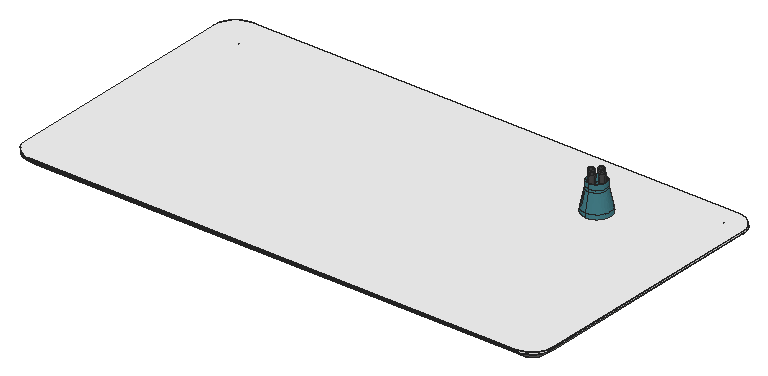
Revit family "Worksurfaces-Teknion-JNWFG_Writable_Glass_Center_Beam_Mounted-R2018", category Furniture, Revit 2018
Family settings
  OmniClass Number = 23.40.20.00
  OmniClass Title = General Furniture and Specialties
  Work Plane-Based = No
  Always vertical = Yes
  Cut with Voids When Loaded = No
  Shared = Yes
  Room Calculation Point = No
Parameters (values of type "38" Depth")
  Worksurface Finish [instance] = Back-painted Glass - K7 - Teknion - Very White
  Width [instance] = 72.000"
  Warranty = "http://www.teknion.com/ca/papers/legal-canada"
  Unit Weight URL = "http://www.teknion.com/ca/tools/assets#&asset=bee6a381-b954-425e-8283-5a2de3a804f2,f828d448-4b62-4231-9e5f-9a8991c0ed77"
  URL = "www.teknion.com"
  To render please download texture images found here [instance] = "https://assets.teknion.com/web/5e81352c1dfdb467/revit-material-swatches/"
  Sustainability Data = "https://www.teknion.com/ca/tools/assets#&topic=216f99a5-57a0-44fc-b10a-9dee9b29ae4c&asset=444deb64-fe58-4b68-981e-f75e97781df7,b4ff2d81-9f2e-437d-9659-7cffb09c31cf"
  Series = "Expansion Cityline"  # constant formula
  Product Page URL = "https://www.teknion.com/ca/products/product-details?productlineid=9ad2a26e-8e7a-673b-a6c8-ff05004460c4"
  Product Line = "Expansion Cityline"  # constant formula
  Product Documentation Link = "https://www.teknion.com/pricing/expansion-cityline/pdfs/JNwfg_ppg.pdf"
  Part Number = "JNWFG"  # constant formula
  Model = "JNWFG38__K"
  Metal Edge Finish [instance] = Paint - Teknion - Mica - Anthracite
  Manufacturer Phone = "416-661-3370"  # constant formula
  Manufacturer Fax = "416.661.4586"  # constant formula
  Manufacturer Contact Information = "http://www.teknion.com/ca/contactus"
  Manufacturer Address = "1150 Flint Road, Toronto, ON. M3J 2J5. Canada"  # constant formula
  Manufacturer = "Teknion"  # constant formula
  How To Use Teknion Materials User Guide [instance] = "https://assets.teknion.com/m/205dd0a49fa58060/original/How-to-add-a-Material-Library-and-Texture-Images-to-your-Revit-project.pdf"
  For Additional Finishes please visit [instance] = "https://assets.teknion.com/m/44a8009b046e5d47/original/Teknion_Materials_Library.zip"
  Description = "Writable Glass Worksurface – Center Beam-Mounted, 38\" Depth, With Companion Marker Kit"
  Companion Finish = Paint - Teknion - Accent - Mineral Teal
  Available Widths [instance] = "48, 54, 60, 66, 72, 78, 84, or 90 inches."  # constant formula
  Assembly Code = "E2020200"
Reference planes (in)
  plane 1 "Center Front/Back": y = 0
  plane 2: z = 0
  plane 3 "Center Left/Right": x = 0
  plane 4 "Left": x = -36
  plane 5 "Right": x = 36
  plane 6 "Back": y = 19
  plane 7 "Front": y = -19
  plane 8 "Top": z = 29.38976
  plane 9: x = 20.99204
  plane 10: y = 9.99861
  plane 11: z = 34.19291
  plane 12: z = 33.18898
Forms (in)
  Sweep 1, solid, material "Glass - Teknion - CL - Clear"
    path origin (0, 0, 0) x (1, 0, 0) y (0, 0, 1)
      loop
        line (0, 29.38976) -> (0, 29.35039)
    profile origin (0, 0, 29.37008) x (0, -1, 0) y (1, 0, 0)
      loop
        arc (-19, -33.1063) -> (-18.15245, -35.15245) -> (-16.1063, -36) r 2.8937
        line (-16.1063, -36) -> (16.1063, -36)
        arc (16.1063, -36) -> (18.15245, -35.15245) -> (19, -33.1063) r 2.8937
        line (19, -33.1063) -> (19, 33.1063)
        arc (19, 33.1063) -> (18.15245, 35.15245) -> (16.1063, 36) r 2.8937
        line (16.1063, 36) -> (-16.1063, 36)
        arc (-16.1063, 36) -> (-18.15245, 35.15245) -> (-19, 33.1063) r 2.8937
        line (-19, 33.1063) -> (-19, -33.1063)
  Sweep 2, solid, material "Back-painted Glass - K7 - Teknion - Very White" <- "Worksurface Finish"
    path origin (0, 0, 0) x (1, 0, 0) y (0, 0, 1)
      loop
        line (0, 29.35039) -> (0, 29.15354)
    profile origin (0, 0, 29.25197) x (0, -1, 0) y (1, 0, 0)
      loop
        arc (-19, -33.1063) -> (-18.15245, -35.15245) -> (-16.1063, -36) r 2.8937
        line (-16.1063, -36) -> (16.1063, -36)
        arc (16.1063, -36) -> (18.15245, -35.15245) -> (19, -33.1063) r 2.8937
        line (19, -33.1063) -> (19, 33.1063)
        arc (19, 33.1063) -> (18.15245, 35.15245) -> (16.1063, 36) r 2.8937
        line (16.1063, 36) -> (-16.1063, 36)
        arc (-16.1063, 36) -> (-18.15245, 35.15245) -> (-19, 33.1063) r 2.8937
        line (-19, 33.1063) -> (-19, -33.1063)
  Sweep 3, solid, material "Paint - Teknion - Mica - Anthracite" <- "Metal Edge Finish"
    path origin (0, 0, 0) x (1, 0, 0) y (0, 1, 0)
      loop
        line (-36, 16.1063) -> (-36, -16.1063)
    profile origin (-36, 0, 0) x (1, 0, 0) y (0, 0, 1)
      loop
        arc (1.07334, 28.24486) -> (1.2047, 28.17062) -> (1.35167, 28.13649) r 0.52896
        line (1.35167, 28.13649) -> (2.62909, 28.02755) -> (2.79212, 28.02755)
        arc (2.79212, 28.02755) -> (2.83611, 28.04577) -> (2.85434, 28.08976) r 0.06221
        line (2.85434, 28.08976) -> (2.85434, 28.18504) -> (2.8937, 28.18504) -> (2.8937, 29.15354) -> (0, 29.15354) -> (0, 29.06505) -> (1.07334, 28.24486)
  Sweep 4, solid, material "Paint - Teknion - Mica - Anthracite" <- "Metal Edge Finish"
    path origin (0, 0, 0) x (-1, 0, 0) y (0, 1, 0)
      loop
        line (-36, 16.1063) -> (-36, -16.1063)
    profile origin (36, 0, 0) x (1, 0, 0) y (0, 0, 1)
      loop
        line (-1.07334, 28.24486) -> (0, 29.06505) -> (0, 29.15354) -> (-2.8937, 29.15354) -> (-2.8937, 28.18504) -> (-2.85434, 28.18504) -> (-2.85434, 28.08976)
        arc (-2.85434, 28.08976) -> (-2.83611, 28.04577) -> (-2.79212, 28.02755) r 0.06221
        line (-2.79212, 28.02755) -> (-2.62909, 28.02755) -> (-1.35167, 28.13649)
        arc (-1.35167, 28.13649) -> (-1.2047, 28.17062) -> (-1.07334, 28.24486) r 0.52896
  Sweep 5, solid, material "Paint - Teknion - Mica - Anthracite" <- "Metal Edge Finish"
    path origin (0, 0, 0) x (1, 0, 0) y (0, 1, 0)
      loop
        line (33.1063, 19) -> (-33.1063, 19)
    profile origin (0, 19, 0) x (0, -1, 0) y (0, 0, 1)
      loop
        arc (1.07334, 28.24486) -> (1.2047, 28.17062) -> (1.35167, 28.13649) r 0.52896
        line (1.35167, 28.13649) -> (2.62909, 28.02755) -> (2.79212, 28.02755)
        arc (2.79212, 28.02755) -> (2.83611, 28.04577) -> (2.85434, 28.08976) r 0.06221
        line (2.85434, 28.08976) -> (2.85434, 28.18504) -> (2.8937, 28.18504) -> (2.8937, 29.15354) -> (0, 29.15354) -> (0, 29.06505) -> (1.07334, 28.24486)
  Sweep 6, solid, material "Paint - Teknion - Mica - Anthracite" <- "Metal Edge Finish"
    path origin (0, 0, 0) x (1, 0, 0) y (0, -1, 0)
      loop
        line (33.1063, 19) -> (-33.1063, 19)
    profile origin (0, -19, 0) x (0, -1, 0) y (0, 0, 1)
      loop
        line (-1.07334, 28.24486) -> (0, 29.06505) -> (0, 29.15354) -> (-2.8937, 29.15354) -> (-2.8937, 28.18504) -> (-2.85434, 28.18504) -> (-2.85434, 28.08976)
        arc (-2.85434, 28.08976) -> (-2.83611, 28.04577) -> (-2.79212, 28.02755) r 0.06221
        line (-2.79212, 28.02755) -> (-2.62909, 28.02755) -> (-1.35167, 28.13649)
        arc (-1.35167, 28.13649) -> (-1.2047, 28.17062) -> (-1.07334, 28.24486) r 0.52896
  Revolve 7, solid, material "Paint - Teknion - Mica - Anthracite" <- "Metal Edge Finish"
    sketch origin (0, 16.1063, 0) x (1, 0, 0) y (0, 0, 1)
      loop
        line (-36, 29.15354) -> (-36, 29.06505) -> (-34.92666, 28.24486)
        arc (-34.92666, 28.24486) -> (-34.7953, 28.17062) -> (-34.64833, 28.13649) r 0.52896
        line (-34.64833, 28.13649) -> (-33.37091, 28.02755) -> (-33.20788, 28.02755)
        arc (-33.20788, 28.02755) -> (-33.16389, 28.04577) -> (-33.14566, 28.08976) r 0.06221
        line (-33.14566, 28.08976) -> (-33.14566, 28.18504) -> (-33.1063, 28.18504) -> (-33.1063, 29.15354) -> (-36, 29.15354)
      axis (-33.1063, 28.02755) -> (-33.1063, 29.15354)
    angle from 0 to 90
  Revolve 8, solid, material "Paint - Teknion - Mica - Anthracite" <- "Metal Edge Finish"
    sketch origin (0, -16.1063, 0) x (1, 0, 0) y (0, 0, -1)
      loop
        line (-36, -29.15354) -> (-33.1063, -29.15354) -> (-33.1063, -28.18504) -> (-33.14566, -28.18504) -> (-33.14566, -28.08976)
        arc (-33.14566, -28.08976) -> (-33.16389, -28.04577) -> (-33.20788, -28.02755) r 0.06221
        line (-33.20788, -28.02755) -> (-33.37091, -28.02755) -> (-34.64833, -28.13649)
        arc (-34.64833, -28.13649) -> (-34.7953, -28.17062) -> (-34.92666, -28.24486) r 0.52896
        line (-34.92666, -28.24486) -> (-36, -29.06505) -> (-36, -29.15354)
      axis (-33.1063, -28.02755) -> (-33.1063, -29.15354)
    angle from 0 to 90
  Revolve 9, solid, material "Paint - Teknion - Mica - Anthracite" <- "Metal Edge Finish"
    sketch origin (0, -16.1063, 0) x (-1, 0, 0) y (0, 0, 1)
      loop
        line (-36, 29.15354) -> (-36, 29.06505) -> (-34.92666, 28.24486)
        arc (-34.92666, 28.24486) -> (-34.7953, 28.17062) -> (-34.64833, 28.13649) r 0.52896
        line (-34.64833, 28.13649) -> (-33.37091, 28.02755) -> (-33.20788, 28.02755)
        arc (-33.20788, 28.02755) -> (-33.16389, 28.04577) -> (-33.14566, 28.08976) r 0.06221
        line (-33.14566, 28.08976) -> (-33.14566, 28.18504) -> (-33.1063, 28.18504) -> (-33.1063, 29.15354) -> (-36, 29.15354)
      axis (-33.1063, 28.02755) -> (-33.1063, 29.15354)
    angle from 0 to 90
  Revolve 10, solid, material "Paint - Teknion - Mica - Anthracite" <- "Metal Edge Finish"
    sketch origin (0, 16.1063, 0) x (-1, 0, 0) y (0, 0, -1)
      loop
        line (-36, -29.15354) -> (-33.1063, -29.15354) -> (-33.1063, -28.18504) -> (-33.14566, -28.18504) -> (-33.14566, -28.08976)
        arc (-33.14566, -28.08976) -> (-33.16389, -28.04577) -> (-33.20788, -28.02755) r 0.06221
        line (-33.20788, -28.02755) -> (-33.37091, -28.02755) -> (-34.64833, -28.13649)
        arc (-34.64833, -28.13649) -> (-34.7953, -28.17062) -> (-34.92666, -28.24486) r 0.52896
        line (-34.92666, -28.24486) -> (-36, -29.06505) -> (-36, -29.15354)
      axis (-33.1063, -28.02755) -> (-33.1063, -29.15354)
    angle from 0 to 90
  Sweep 11, solid, material "Paint - Teknion - Mica - Anthracite" <- "Metal Edge Finish"
    path origin (0, 0, 0) x (1, 0, 0) y (0, 0, 1)
      loop
        line (0, 28.18504) -> (0, 29.06505)
    profile origin (0, 0, 28.62504) x (-1, 0, 0) y (0, -1, 0)
      loop
        line (33.1063, 16.1063) -> (-33.1063, 16.1063) -> (-33.1063, -16.1063) -> (33.1063, -16.1063) -> (33.1063, 16.1063)
  Revolve 12, solid, material "Paint - Teknion - Accent - Mineral Teal" <- "Companion Finish"
    sketch origin (20.99204, 11.89117, 48) x (0, 1, 0) y (0, 0, 1)
      loop
        line (-1.88976, -14.83071) -> (-3.15733, -14.83071) -> (-3.1682, -15.43711)
        arc (-3.1682, -15.43711) -> (-3.17736, -15.57928) -> (-3.19967, -15.71998) r 1.53463
        line (-3.19967, -15.71998) -> (-3.70487, -18.13046)
        arc (-3.70487, -18.13046) -> (-3.75958, -18.47675) -> (-3.77953, -18.82677) r 3.51502
        line (-3.77953, -18.82677) -> (-1.88976, -18.82677) -> (-1.88976, -14.83071)
      axis (-1.88976, -14.83071) -> (-1.88976, -18.82677)
    angle from 0 to 360
  Blend 13, solid, material "Plastic - Teknion - E - Ebony"
    base sketch origin (4.73516, 23.03393, 0) x (1, 0, 0) y (0, 1, 0)
      loop
        circle (16.25708, -12.24709) r 0.31659
    top sketch origin (4.73516, 23.03393, 0) x (1, 0, 0) y (0, 1, 0)
      loop
        circle (16.25708, -12.24709) r 0.36603
    from 33.18898 to 34.19291
  Revolve 14, void
    sketch origin (19.22719, 9.99861, 48) x (-1, 0, 0) y (0, 0, 1)
      loop
        line (-1.76485, -14.83071) -> (-2.955, -14.83071) -> (-2.955, -15.71998) -> (-3.46431, -18.14418)
        arc (-3.46431, -18.14418) -> (-3.50625, -18.38587) -> (-3.53106, -18.62992) r 3.47911
        line (-3.53106, -18.62992) -> (-1.76485, -18.62992) -> (-1.76485, -14.83071)
      axis (-1.76485, -14.83071) -> (-1.76485, -18.62992)
    angle from 0 to 360
  SweptBlend 15, solid, material "Plastic - Teknion - White"
    path origin (4.73516, 20.12541, 0) x (1, 0, 0) y (0, 0, 1)
      loop
        line (15.46964, 29.64567) -> (15.46964, 33.18898)
    profile origin (20.2048, 20.12541, 29.64567) x (-1, 0, 0) y (0, -1, 0)
      loop
        circle (-0.78744, 9.33857) r 0.36603
    end profile origin (20.2048, 20.12541, 33.18898) x (-1, 0, 0) y (0, -1, 0)
      loop
        circle (-0.78744, 9.33857) r 0.31659
  Blend 16, solid, material "Plastic - Teknion - E - Ebony"
    base sketch origin (3.94701, 22.24628, 0) x (1, 0, 0) y (0, 1, 0)
      loop
        circle (16.25708, -12.24709) r 0.31659
    top sketch origin (3.94701, 22.24628, 0) x (1, 0, 0) y (0, 1, 0)
      loop
        circle (16.25708, -12.24709) r 0.36603
    from 33.18898 to 34.19291
  SweptBlend 17, solid, material "Plastic - Teknion - White"
    path origin (3.94701, 19.33776, 0) x (1, 0, 0) y (0, 0, 1)
      loop
        line (15.46964, 29.64567) -> (15.46964, 33.18898)
    profile origin (19.41665, 19.33776, 29.64567) x (-1, 0, 0) y (0, -1, 0)
      loop
        circle (-0.78744, 9.33857) r 0.36603
    end profile origin (19.41665, 19.33776, 33.18898) x (-1, 0, 0) y (0, -1, 0)
      loop
        circle (-0.78744, 9.33857) r 0.31659
  Blend 18, solid, material "Plastic - Teknion - E - Ebony"
    base sketch origin (5.52101, 22.24409, 0) x (1, 0, 0) y (0, 1, 0)
      loop
        circle (16.25708, -12.24709) r 0.31659
    top sketch origin (5.52101, 22.24409, 0) x (1, 0, 0) y (0, 1, 0)
      loop
        circle (16.25708, -12.24709) r 0.36603
    from 33.18898 to 34.19291
  SweptBlend 19, solid, material "Plastic - Teknion - White"
    path origin (5.52101, 19.33557, 0) x (1, 0, 0) y (0, 0, 1)
      loop
        line (15.46964, 29.64567) -> (15.46964, 33.18898)
    profile origin (20.99066, 19.33557, 29.64567) x (-1, 0, 0) y (0, -1, 0)
      loop
        circle (-0.78744, 9.33857) r 0.36603
    end profile origin (20.99066, 19.33557, 33.18898) x (-1, 0, 0) y (0, -1, 0)
      loop
        circle (-0.78744, 9.33857) r 0.31659
  Blend 20, solid, material "Plastic - Teknion - E - Ebony"
    base sketch origin (4.73561, 21.45739, 0) x (1, 0, 0) y (0, 1, 0)
      loop
        circle (16.25708, -12.24709) r 0.31659
    top sketch origin (4.73561, 21.45739, 0) x (1, 0, 0) y (0, 1, 0)
      loop
        circle (16.25708, -12.24709) r 0.36603
    from 33.18898 to 34.19291
  SweptBlend 21, solid, material "Plastic - Teknion - White"
    path origin (4.73561, 18.54888, 0) x (1, 0, 0) y (0, 0, 1)
      loop
        line (15.46964, 29.64567) -> (15.46964, 33.18898)
    profile origin (20.20525, 18.54888, 29.64567) x (-1, 0, 0) y (0, -1, 0)
      loop
        circle (-0.78744, 9.33857) r 0.36603
    end profile origin (20.20525, 18.54888, 33.18898) x (-1, 0, 0) y (0, -1, 0)
      loop
        circle (-0.78744, 9.33857) r 0.31659
  Sweep 22, solid, material "Plastic - Teknion - E - Ebony"
    path origin (4.73516, 20.12541, 0) x (1, 0, 0) y (0, 0, 1)
      loop
        line (15.46964, 33.69291) -> (15.46964, 34.40945)
    profile origin (20.2048, 20.12541, 34.05118) x (-1, 0, 0) y (0, -1, 0)
      loop
        circle (0.00018, 10.12749) r 0.17971
  Sweep 23, solid, material "Plastic - Teknion - E - Ebony"
    path origin (5.52323, 19.33941, 0) x (1, 0, 0) y (0, 0, 1)
      loop
        line (15.46882, 33.69291) -> (15.46882, 34.40945)
    profile origin (20.99204, 19.33941, 34.05118) x (-1, 0, 0) y (0, -1, 0)
      loop
        circle (-0.00065, 10.12749) r 0.17971
  Sweep 24, solid, material "Plastic - Teknion - E - Ebony"
    path origin (5.52323, 20.91478, 0) x (1, 0, 0) y (0, 0, 1)
      loop
        line (15.46964, 33.69291) -> (15.46964, 34.40945)
    profile origin (20.99287, 20.91478, 34.05118) x (-1, 0, 0) y (0, -1, 0)
      loop
        circle (0.00018, 10.12749) r 0.17971
  Sweep 25, solid, material "Plastic - Teknion - E - Ebony"
    path origin (6.31004, 20.127, 0) x (1, 0, 0) y (0, 0, 1)
      loop
        line (15.46964, 33.69291) -> (15.46964, 34.40945)
    profile origin (21.77968, 20.127, 34.05118) x (-1, 0, 0) y (0, -1, 0)
      loop
        circle (0.00018, 10.12749) r 0.17971
  Sweep 26, solid, material "Paint - Teknion - Accent - Mineral Teal" <- "Companion Finish"
    path origin (4.73516, 20.12541, 0) x (1, 0, 0) y (0, 0, 1)
      loop
        line (16.25688, 29.37008) -> (16.25688, 29)
    profile origin (20.99204, 20.12541, 29.18504) x (0, -1, 0) y (1, 0, 0)
      loop
        circle (10.1268, 0) r 1.76621
Cuts and joins
  Revolve 14 cuts Sweep 1
  Revolve 14 cuts Revolve 12
  Revolve 14 cuts Sweep 26
Lines and regions (in)
  Masking region 1
    outline origin (0, 0, 0) x (1, 0, 0) y (0, 1, 0)
      loop
        line (-36, 16.1063) -> (-36, -16.1063)
        arc (-36, -16.1063) -> (-35.15245, -18.15245) -> (-33.1063, -19) r 2.8937
        line (-33.1063, -19) -> (33.1063, -19)
        arc (33.1063, -19) -> (35.15245, -18.15245) -> (36, -16.1063) r 2.8937
        line (36, -16.1063) -> (36, 16.1063)
        arc (36, 16.1063) -> (35.15245, 18.15245) -> (33.1063, 19) r 2.8937
        line (33.1063, 19) -> (-33.1063, 19)
        arc (-33.1063, 19) -> (-35.15245, 18.15245) -> (-36, 16.1063) r 2.8937
  symbolic lines
    curve 1: arc (20.99204, 11.89117, 0) -> (19.10228, 10.0014, 0) -> (20.99204, 8.11164, 0) r 1.88976
    curve 2: arc (20.99204, 8.11164, 0) -> (22.88181, 10.0014, 0) -> (20.99204, 11.89117, 0) r 1.88976
    curve 3: arc (20.99204, 11.31131, 0) -> (19.68214, 10.0014, 0) -> (20.99204, 8.6915, 0) r 1.30991
    curve 4: arc (20.99204, 8.6915, 0) -> (22.30195, 10.0014, 0) -> (20.99204, 11.31131, 0) r 1.30991
    curve 5: arc (19.80189, 9.99861, 0) -> (20.99204, 11.18877, 0) -> (22.1822, 9.99861, 0) r 1.19015
    curve 6: arc (22.1822, 9.99861, 0) -> (20.99204, 8.80846, 0) -> (19.80189, 9.99861, 0) r 1.19015
    curve 7: arc (20.99204, 8.73384, 0) -> (19.72448, 10.0014, 0) -> (20.99204, 11.26897, 0) r 1.26757
    curve 8: arc (20.99204, 11.26897, 0) -> (22.25961, 10.0014, 0) -> (20.99204, 8.73384, 0) r 1.26757
    curve 9: arc (20.62621, 10.78684, 0) -> (20.99224, 10.4208, 0) -> (21.35828, 10.78684, 0) r 0.36603
    curve 10: arc (21.35828, 10.78684, 0) -> (20.99224, 11.15287, 0) -> (20.62621, 10.78684, 0) r 0.36603
    curve 11: arc (20.81298, 10.78729, 0) -> (20.99269, 10.96701, 0) -> (21.1724, 10.78729, 0) r 0.17971
    curve 12: arc (21.1724, 10.78729, 0) -> (20.99269, 10.60758, 0) -> (20.81298, 10.78729, 0) r 0.17971
    curve 13: arc (20.57013, 9.99919, 0) -> (20.20409, 10.36522, 0) -> (19.83806, 9.99919, 0) r 0.36603
    curve 14: arc (20.02491, 9.99792, 0) -> (20.20462, 10.17763, 0) -> (20.38434, 9.99792, 0) r 0.17971
    curve 15: arc (20.62666, 9.2103, 0) -> (20.99269, 9.57633, 0) -> (21.35872, 9.2103, 0) r 0.36603
    curve 16: arc (20.62666, 9.2103, 0) -> (20.99269, 8.84427, 0) -> (21.35872, 9.2103, 0) r 0.36603
    curve 17: arc (20.81298, 9.21192, 0) -> (20.99269, 9.39163, 0) -> (21.1724, 9.21192, 0) r 0.17971
    curve 18: arc (21.1724, 9.21192, 0) -> (20.99269, 9.0322, 0) -> (20.81298, 9.21192, 0) r 0.17971
    curve 19: arc (21.41206, 9.997, 0) -> (21.7781, 10.36303, 0) -> (22.14413, 9.997, 0) r 0.36603
    curve 20: arc (22.14413, 9.997, 0) -> (21.7781, 9.63097, 0) -> (21.41206, 9.997, 0) r 0.36603
    curve 21: arc (21.59978, 9.99951, 0) -> (21.7795, 10.17922, 0) -> (21.95921, 9.99951, 0) r 0.17971
    curve 22: arc (21.95921, 9.99951, 0) -> (21.7795, 9.81979, 0) -> (21.59978, 9.99951, 0) r 0.17971
    curve 23: arc (20.38434, 9.99792, 0) -> (20.20462, 9.81821, 0) -> (20.02491, 9.99792, 0) r 0.17971
    curve 24: arc (20.57013, 9.99919, 0) -> (20.20409, 9.63316, 0) -> (19.83806, 9.99919, 0) r 0.36603
  symbolic lines, style "FurnitureHiddenLines", detail levels fine
    curve 25: arc (20.99204, 11.76482, 0) -> (19.22584, 9.99861, 0) -> (20.99204, 8.2324, 0) r 1.76621
    curve 26: arc (20.99204, 8.2324, 0) -> (22.75825, 9.99861, 0) -> (20.99204, 11.76482, 0) r 1.76621
    curve 39: line (-33.1063, 16.1063, 0) -> (33.1063, 16.1063, 0)
    curve 40: line (-33.1063, -16.1063, 0) -> (-33.1063, 16.1063, 0)
    curve 41: line (33.1063, -16.1063, 0) -> (-33.1063, -16.1063, 0)
    curve 42: line (33.1063, 16.1063, 0) -> (33.1063, -16.1063, 0)
  symbolic lines, style "FurnitureHiddenLines", detail levels medium+fine
    curve 27: line (-33.14566, -16.14566, 0) -> (-33.14566, 16.14566, 0)
    curve 28: line (-33.14566, 16.14566, 0) -> (33.14566, 16.14566, 0)
    curve 29: line (33.14566, 16.14566, 0) -> (33.14566, -16.14566, 0)
    curve 30: line (33.14566, -16.14566, 0) -> (-33.14566, -16.14566, 0)
    curve 31: line (-33.1063, 17.92666, 0) -> (33.1063, 17.92666, 0)
    curve 32: line (-34.92666, -16.1063, 0) -> (-34.92666, 16.1063, 0)
    curve 33: line (33.1063, -17.92666, 0) -> (-33.1063, -17.92666, 0)
    curve 34: line (34.92666, 16.1063, 0) -> (34.92666, -16.1063, 0)
    curve 35: arc (34.92666, 16.1063, 0) -> (34.39349, 17.39349, 0) -> (33.1063, 17.92666, 0) r 1.82036
    curve 36: arc (33.1063, -17.92666, 0) -> (34.39349, -17.39349, 0) -> (34.92666, -16.1063, 0) r 1.82036
    curve 37: arc (-34.92666, -16.1063, 0) -> (-34.39349, -17.39349, 0) -> (-33.1063, -17.92666, 0) r 1.82036
    curve 38: arc (-33.1063, 17.92666, 0) -> (-34.39349, 17.39349, 0) -> (-34.92666, 16.1063, 0) r 1.82036
Dimensions and locks (in)
  "Width": plane 4 "Left" to plane 5 "Right"
  locked: plane 6 "Back" to plane 7 "Front" at 38
  plane 8 "Top" to level = 29.38976"
  equal spacing: plane 6 "Back", plane 1 "Center Front/Back", plane 7 "Front"
  equal spacing: plane 4 "Left", plane 3 "Center Left/Right", plane 5 "Right"
  plane 6 "Back" to Masking region 1 sketch curve to Masking region 1 sketch curve = 2.8937" locked, 0.000" locked
  Masking region 1 sketch curve to Masking region 1 sketch curve to plane 5 "Right" = 0.000" locked, 2.8937" locked
  plane 4 "Left" to Masking region 1 sketch curve to Masking region 1 sketch curve = 2.8937" locked, 0.000" locked
  plane 7 "Front" to Masking region 1 sketch curve to Masking region 1 sketch curve = 2.8937" locked, 0.000" locked
  plane 6 "Back" to Sweep 1 sketch curve to Sweep 1 sketch curve = 2.8937" locked, 0.000" locked
  plane 4 "Left" to Sweep 1 sketch curve to Sweep 1 sketch curve = 2.8937" locked, 0.000" locked
  Sweep 1 sketch curve to Sweep 1 sketch curve to plane 5 "Right" = 0.000" locked, 2.8937" locked
  plane 7 "Front" to Sweep 1 sketch curve to Sweep 1 sketch curve = 2.8937" locked, 0.000" locked
  locked: plane 8 "Top" to Sweep 1 sketch curve at 0.03937
  plane 8 "Top" to Sweep 2 sketch curve to Sweep 2 sketch curve = 0.03937" locked, 0.19685" locked
  plane 6 "Back" to Sweep 5 sketch curve to Sweep 5 sketch curve to Sweep 5 sketch curve to Sweep 5 sketch curve = 1.39661" locked, 1.39551" locked, 0.06221" locked, 0.03936" locked
  plane 8 "Top" to Sweep 5 sketch curve to Sweep 5 sketch curve to Sweep 5 sketch curve to Sweep 5 sketch curve to Sweep 5 sketch curve = 0.23622" locked, 0.0885" locked, 0.40151" locked, 0.47849" locked, 0.09528" locked
  locked: plane 4 "Left" to Sweep 5 sketch curve at 2.8937
  locked: Sweep 5 sketch curve to plane 5 "Right" at 2.8937
  locked: plane 6 "Back" to Sweep 3 sketch curve at 2.8937
  locked: plane 7 "Front" to Sweep 3 sketch curve at 2.8937
  locked: plane 6 "Back" to Sweep 4 sketch curve at 2.8937
  locked: plane 7 "Front" to Sweep 4 sketch curve at 2.8937
  Sweep 6 sketch curve to Sweep 6 sketch curve to Sweep 6 sketch curve to Sweep 6 sketch curve = 0.03936" locked, 0.06221" locked, 1.39551" locked
  Sweep 6 sketch curve to Sweep 6 sketch curve to Sweep 6 sketch curve to Sweep 6 sketch curve to Sweep 6 sketch curve = 0.0885" locked, 0.40151" locked, 0.47849" locked, 0.09528" locked
  locked: Sweep 6 sketch curve to plane 5 "Right" at 2.8937
  locked: plane 4 "Left" to Sweep 6 sketch curve at 2.8937
  locked: plane 4 "Left" to Revolve 7 at 2.8937
  locked: plane 6 "Back" to Revolve 7 at 2.8937
  locked: plane 7 "Front" to Revolve 8 at 2.8937
  locked: plane 4 "Left" to Revolve 8 at 2.8937
  locked: plane 7 "Front" to Revolve 9 at 2.8937
  locked: Revolve 9 to plane 5 "Right" at 2.8937
  locked: plane 6 "Back" to Revolve 10 at 2.8937
  locked: Revolve 10 to plane 5 "Right" at 2.8937
  plane 8 "Top" to Sweep 11 sketch curve to Sweep 11 sketch curve = 0.32472" locked, 0.88001" locked
  Sweep 22 sketch curve to Sweep 22 sketch curve to plane 8 "Top" = 0.71654" locked, 4.30315" locked
  Sweep 23 sketch curve to Sweep 23 sketch curve to plane 12 = 0.71654" locked, 0.50394" locked
  Sweep 24 sketch curve to Sweep 24 sketch curve to plane 12 = 0.71654" locked, 0.50394" locked
  Sweep 25 sketch curve to Sweep 25 sketch curve to plane 12 = 0.71654" locked, 0.50394" locked
  plane 6 "Back" to Revolve 12 sketch curve to Revolve 12 sketch curve to Revolve 12 sketch curve to Revolve 12 sketch curve to Revolve 12 sketch curve to Revolve 12 sketch curve = 7.37343" locked, 1.62517" locked, 1.26757" locked, 0.04234" locked, 0.57986" locked, 0.92306" locked
  Revolve 12 sketch curve to Revolve 12 sketch curve to Revolve 12 sketch curve to plane 8 "Top" to Revolve 12 sketch curve = 0.88927" locked, 2.41048" locked, 0.47978" locked, 0.21654" locked
  Revolve 14 sketch curve to Revolve 14 sketch curve to Revolve 14 sketch curve to Revolve 14 sketch curve to Revolve 14 sketch curve to plane 5 "Right" = 1.70532" locked, 1.19015" locked, 0.50931" locked, 0.06675" locked, 13.24175" locked
  Revolve 14 sketch curve to Revolve 14 sketch curve to plane 8 "Top" to Revolve 14 sketch curve to Revolve 14 sketch curve = 0.88927" locked, 2.89026" locked, 0.01969" locked, 0.22958" locked
  locked: plane 9 to plane 5 "Right" at 15.00796
  locked: plane 6 "Back" to plane 10 at 9.00139
  locked: plane 9 to Blend 13 sketch curve at 0.0002
  locked: Blend 13 sketch curve to plane 10 at 0.78822
  locked: plane 6 "Back" to Blend 13 sketch curve at 8.21316
  locked: Blend 13 sketch curve to plane 5 "Right" at 15.00776
  locked: Sweep 24 sketch curve to plane 5 "Right" at 15.00731
  locked: plane 6 "Back" to Sweep 24 sketch curve at 8.21271
  locked: plane 9 to SweptBlend 15 sketch curve at 0.0002  (x2)
  locked: SweptBlend 15 sketch curve to plane 10 at 0.78822  (x2)
  locked: plane 10 to Blend 18 sketch curve at 0.00161  (x2)
  locked: plane 9 to Blend 18 sketch curve at 0.78605  (x2)
  locked: Sweep 25 sketch curve to plane 10 at 0.0009
  locked: plane 9 to Sweep 25 sketch curve at 0.78745
  locked: plane 10 to SweptBlend 19 sketch curve at 0.00161  (x2)
  locked: plane 9 to SweptBlend 19 sketch curve at 0.78605  (x2)
  locked: plane 9 to Blend 20 sketch curve at 0.00065  (x2)
  locked: plane 10 to Blend 20 sketch curve at 0.78831  (x2)
  locked: plane 9 to SweptBlend 21 sketch curve at 0.00065  (x2)
  locked: plane 10 to SweptBlend 21 sketch curve at 0.78831  (x2)
  locked: plane 9 to Sweep 23 sketch curve at 0.00065
  locked: plane 10 to Sweep 23 sketch curve at 0.78669
  locked: Blend 16 sketch curve to plane 10 at 0.00058  (x2)
  locked: Blend 16 sketch curve to plane 9 at 0.78795  (x2)
  locked: SweptBlend 17 sketch curve to plane 10 at 0.00058  (x2)
  locked: SweptBlend 17 sketch curve to plane 9 at 0.78795  (x2)
  locked: plane 10 to Sweep 22 sketch curve at 0.00069
  locked: Sweep 22 sketch curve to plane 9 at 0.78742
  locked: plane 10 to Sweep 26 sketch curve at 0
  locked: plane 9 to Sweep 26 sketch curve at 0
  plane 8 "Top" to Sweep 26 sketch curve to Sweep 26 sketch curve = 0.01969" locked, 0.37008" locked
  SweptBlend 17 sketch curve to SweptBlend 17 sketch curve to plane 8 "Top" = 3.54331" locked, 0.25591" locked
  plane 11 to plane 12 to plane 8 "Top" = 1.00394" locked, 3.79921" locked
  locked: plane 9 to Sweep 22 sketch curve at 0.78724
  locked: Sweep 25 sketch curve to plane 9 at 0.78764
  SweptBlend 21 sketch curve to SweptBlend 21 sketch curve to plane 8 "Top" = 3.54331" locked, 0.25591" locked
  locked: plane 9 to SweptBlend 21 sketch curve at 0.78679
  SweptBlend 19 sketch curve to SweptBlend 19 sketch curve to plane 8 "Top" = 3.54331" locked, 0.25591" locked
  SweptBlend 15 sketch curve to SweptBlend 15 sketch curve to plane 8 "Top" = 3.54331" locked, 0.25591" locked
  aligned and locked: level to plane 2
  aligned and locked: Masking region 1 sketch curve to plane 7 "Front"
  aligned and locked: plane 4 "Left" to Masking region 1 sketch curve
  aligned and locked: plane 5 "Right" to Masking region 1 sketch curve
  aligned and locked: plane 6 "Back" to Sweep 1 sketch curve
  aligned and locked: Sweep 1 sketch curve to plane 7 "Front"
  aligned and locked: Sweep 1 sketch curve to plane 5 "Right"
  aligned and locked: plane 8 "Top" to Sweep 1 sketch curve
  aligned and locked: Sweep 2 sketch curve to plane 3 "Center Left/Right"
  aligned and locked: Sweep 2 sketch curve to Sweep 1  (x4)
  aligned and locked: Sweep 5 sketch curve to Sweep 2
  aligned and locked: Sweep 5 sketch curve to plane 6 "Back"
  aligned and locked: Sweep 3 sketch curve to plane 4 "Left"
  aligned and locked: plane 5 "Right" to Sweep 4 sketch curve
  aligned and locked: Sweep 6 sketch curve to plane 7 "Front"
  aligned and locked: Revolve 7 sketch curve to Sweep 2
  aligned and locked: Revolve 7 sketch curve to Sweep 6
  aligned and locked: Revolve 7 sketch curve to Sweep 3  (x5)
  aligned and locked: Revolve 8 sketch curve to Sweep 3  (x5)
  aligned and locked: Revolve 8 sketch curve to Sweep 2
  aligned and locked: Revolve 8 sketch curve to Sweep 6
  aligned and locked: Revolve 9 sketch curve to Sweep 4  (x9)
  aligned and locked: Revolve 10 sketch curve to Sweep 4  (x7)
  aligned and locked: Revolve 10 sketch curve to Sweep 2
  aligned and locked: Revolve 10 sketch curve to Sweep 6
  aligned and locked: Sweep 11 sketch curve to Sweep 3
  aligned and locked: Sweep 11 sketch curve to Sweep 5
  aligned and locked: Sweep 11 sketch curve to Sweep 4
  aligned and locked: Sweep 11 sketch curve to Sweep 6
  aligned and locked: plane 3 "Center Left/Right" to Sweep 11 sketch curve
  aligned and locked: plane 11 to Blend 16
  aligned and locked: Blend 16 to plane 12
  aligned and locked: plane 11 to Blend 20
  aligned and locked: Blend 20 to plane 12
  aligned and locked: plane 11 to Blend 18
  aligned and locked: Blend 18 to plane 12
  aligned and locked: plane 11 to Blend 13
  aligned and locked: Blend 13 to plane 12
  aligned and locked: plane 9 to Sweep 23 sketch curve
  aligned and locked: curve 1 to cut or joined group of Revolve 12, Revolve 14
  aligned and locked: curve 2 to cut or joined group of Revolve 12, Revolve 14
  aligned and locked: curve 3 to cut or joined group of Revolve 12, Revolve 14
  aligned and locked: curve 4 to cut or joined group of Revolve 12, Revolve 14
  aligned and locked: curve 5 to cut or joined group of Revolve 12, Revolve 14
  aligned and locked: curve 6 to cut or joined group of Revolve 12, Revolve 14
  aligned and locked: curve 7 to cut or joined group of Revolve 12, Revolve 14
  aligned and locked: curve 8 to cut or joined group of Revolve 12, Revolve 14
  aligned and locked: curve 9 to Blend 13
  aligned and locked: curve 10 to Blend 13
  aligned and locked: curve 11 to Sweep 24
  aligned and locked: curve 12 to Sweep 24
  aligned and locked: curve 13 to Blend 16
  aligned and locked: curve 14 to Sweep 22
  aligned and locked: curve 15 to SweptBlend 21
  aligned and locked: curve 16 to Blend 20
  aligned and locked: curve 17 to Sweep 23
  aligned and locked: curve 18 to Sweep 23
  aligned and locked: curve 19 to SweptBlend 19
  aligned and locked: curve 20 to SweptBlend 19
  aligned and locked: curve 21 to Sweep 25
  aligned and locked: curve 22 to Sweep 25
  aligned and locked: curve 23 to Sweep 22
  aligned and locked: curve 24 to SweptBlend 17
  aligned and locked: curve 25 to cut or joined group of Revolve 14, Sweep 26
  aligned and locked: curve 26 to cut or joined group of Revolve 14, Sweep 26
  aligned and locked: curve 27 to Sweep 3
  aligned and locked: curve 28 to Sweep 5
  aligned and locked: curve 29 to Sweep 4
  aligned and locked: curve 30 to Sweep 6
  aligned and locked: curve 35 to Revolve 10
  aligned and locked: curve 36 to Revolve 9
  aligned and locked: curve 37 to Revolve 8
  aligned and locked: curve 38 to Revolve 7
  aligned and locked: curve 39 to Sweep 5
  aligned and locked: curve 40 to Sweep 3
  aligned and locked: curve 41 to Sweep 6
  aligned and locked: curve 42 to Sweep 4
Automatic sketch dimensions
  Sweep 1 sketch curve to plane 3 "Center Left/Right" = 0.000"
  profile plane to Sweep 3 sketch curve = 0.000"
  Sweep 3 sketch curve to profile plane = 1.07334"
  Sweep 3 sketch curve to Sweep 3 sketch curve = 0.27833"
  Sweep 3 sketch curve to Sweep 3 sketch curve = 0.32327"
  Sweep 3 sketch curve to Sweep 3 sketch curve = 1.27742"
  Sweep 3 sketch curve to Sweep 3 sketch curve = 0.16304"
  Sweep 3 sketch curve to Sweep 3 sketch curve = 0.06221"
  Sweep 3 sketch curve to Sweep 3 sketch curve = 0.03936"
  level to Sweep 3 sketch curve = 28.02755"
  Sweep 3 sketch curve to Sweep 3 sketch curve = 0.10894"
  Sweep 3 sketch curve to Sweep 3 sketch curve = 0.09528"
  Sweep 3 sketch curve to Sweep 3 sketch curve = 0.10837"
  Sweep 3 sketch curve to Sweep 3 sketch curve = 0.82019"
  Sweep 3 sketch curve to Sweep 3 sketch curve = 0.0885"
  profile plane to Sweep 4 sketch curve = 0.000"
  profile plane to Sweep 4 sketch curve = 1.07334"
  Sweep 4 sketch curve to Sweep 4 sketch curve = 0.27833"
  Sweep 4 sketch curve to Sweep 4 sketch curve = 0.04495"
  Sweep 4 sketch curve to Sweep 4 sketch curve = 1.27742"
  Sweep 4 sketch curve to Sweep 4 sketch curve = 0.16304"
  Sweep 4 sketch curve to Sweep 4 sketch curve = 0.06221"
  Sweep 4 sketch curve to Sweep 4 sketch curve = 0.03936"
  level to Sweep 4 sketch curve = 28.02755"
  Sweep 4 sketch curve to Sweep 4 sketch curve = 0.10894"
  Sweep 4 sketch curve to Sweep 4 sketch curve = 0.09528"
  Sweep 4 sketch curve to Sweep 4 sketch curve = 0.10837"
  Sweep 4 sketch curve to Sweep 4 sketch curve = 0.82019"
  Sweep 4 sketch curve to Sweep 4 sketch curve = 0.0885"
  Sweep 5 sketch curve to Sweep 5 sketch curve = 0.32327"
  Sweep 5 sketch curve to Sweep 5 sketch curve = 0.27833"
  Sweep 5 sketch curve to Sweep 5 sketch curve = 0.16304"
  Sweep 5 sketch curve to Sweep 5 sketch curve = 0.52704"
  Sweep 6 sketch curve to profile plane = 0.000"
  profile plane to Sweep 6 sketch curve = 1.07334"
  Sweep 6 sketch curve to Sweep 6 sketch curve = 0.27833"
  Sweep 6 sketch curve to Sweep 6 sketch curve = 0.04495"
  Sweep 6 sketch curve to Sweep 6 sketch curve = 0.16304"
  level to Sweep 6 sketch curve = 28.02755"
  Sweep 6 sketch curve to Sweep 6 sketch curve = 0.52704"
  Revolve 7 sketch curve to plane 4 "Left" = 0.000"
  Revolve 7 sketch curve to plane 8 "Top" = 1.25328"
  Revolve 7 sketch curve to Revolve 7 sketch curve = 0.16304"
  Revolve 7 sketch curve to Revolve 7 sketch curve = 0.000"
  Revolve 7 sketch curve to Revolve 7 sketch curve = 0.55251"
  plane 8 "Top" to Revolve 7 sketch curve = 0.88779"
  Revolve 8 sketch curve to Revolve 8 sketch curve = 0.04495"
  Revolve 8 sketch curve to Revolve 8 sketch curve = 0.000"
  plane 8 "Top" to Revolve 8 sketch curve = 0.88779"
  Revolve 8 sketch curve to Revolve 8 sketch curve = 0.55251"
  Revolve 9 sketch curve to Revolve 9 sketch curve = 0.10837"
  Revolve 9 sketch curve to Revolve 9 sketch curve = 0.000"
  Revolve 9 sketch curve to Revolve 9 sketch curve = 0.55251"
  plane 8 "Top" to Revolve 9 sketch curve = 0.88779"
  Revolve 8 sketch curve to Revolve 8 sketch curve = 0.16304"
  Revolve 10 sketch curve to Revolve 10 sketch curve = 0.04495"
  Revolve 10 sketch curve to Revolve 10 sketch curve = 0.000"
  plane 8 "Top" to Revolve 10 sketch curve = 0.88779"
  Revolve 10 sketch curve to Revolve 10 sketch curve = 0.55251"
  plane 3 "Center Left/Right" to SweptBlend 15 sketch curve = 20.2048"
  plane 3 "Center Left/Right" to SweptBlend 17 sketch curve = 19.41665"
  plane 3 "Center Left/Right" to SweptBlend 19 sketch curve = 20.99066"
  plane 3 "Center Left/Right" to Sweep 24 sketch curve = 20.99287"
  plane 3 "Center Left/Right" to Sweep 26 sketch curve = 20.99204"
  Revolve 12 sketch curve to Revolve 12 sketch curve = 0.07466"
  Revolve 12 sketch curve to Revolve 12 sketch curve = 0.03147"
  Revolve 12 sketch curve to Revolve 12 sketch curve = 0.000"
  Revolve 12 sketch curve to Revolve 12 sketch curve = 1.75394"
  Revolve 12 sketch curve to Revolve 12 sketch curve = 2.250"
  Revolve 14 sketch curve to plane 9 = 0.000"
  Revolve 14 sketch curve to Revolve 14 sketch curve = 3.45079"
  Revolve 14 sketch curve to Revolve 14 sketch curve = 2.250"
  Revolve 12 sketch curve to Revolve 12 sketch curve = 0.28287"
  radius of Blend 13 sketch curve = 0.31659"
  radius of Blend 13 sketch curve = 0.36603"
  radius of SweptBlend 15 sketch curve = 0.36603"
  radius of SweptBlend 15 sketch curve = 0.31659"
  radius of Blend 16 sketch curve = 0.31659"
  radius of Blend 16 sketch curve = 0.36603"
  radius of SweptBlend 17 sketch curve = 0.36603"
  radius of SweptBlend 17 sketch curve = 0.31659"
  radius of Blend 18 sketch curve = 0.31659"
  radius of Blend 18 sketch curve = 0.36603"
  radius of SweptBlend 19 sketch curve = 0.36603"
  radius of SweptBlend 19 sketch curve = 0.31659"
  radius of Blend 20 sketch curve = 0.31659"
  radius of Blend 20 sketch curve = 0.36603"
  radius of SweptBlend 21 sketch curve = 0.36603"
  radius of SweptBlend 21 sketch curve = 0.31659"
  radius of Sweep 22 sketch curve = 0.17971"
  radius of Sweep 23 sketch curve = 0.17971"
  radius of Sweep 24 sketch curve = 0.17971"
  radius of Sweep 25 sketch curve = 0.17971"
  radius of Sweep 26 sketch curve = 1.76621"
